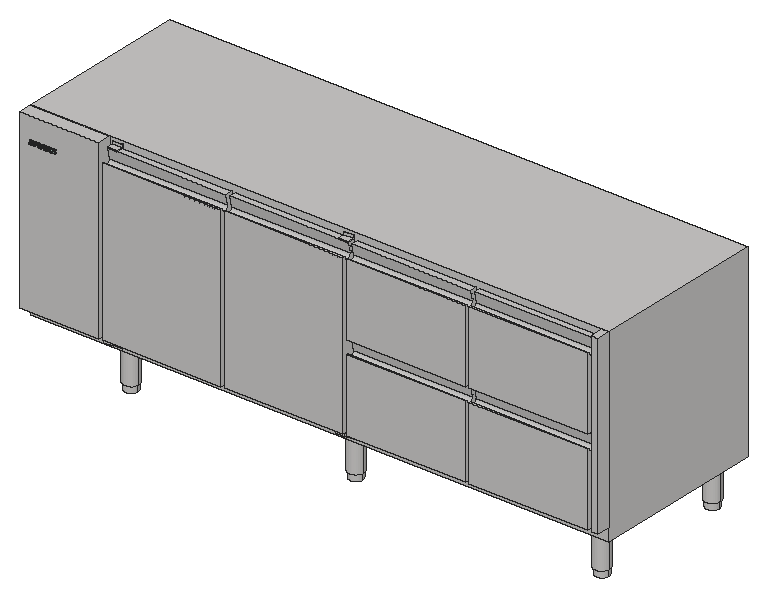
Revit family "QF_ALPENINOX_721090_AK4R7AABB", category Attrezzature speciali, Revit 2018
Family settings
  Quota connettore circolare = Usa diametro
  Tipo di parte = Normale
  Basato su piano di lavoro = No
  Sempre verticale = Sì
  Taglio con vuoti quando caricato = No
  Condiviso = No
  Punto di calcolo locali = No
Parameters (values of type "Standard")
  Weight = 158.00 kg
  Watts = 270 W
  Volts = 220 V
  URL Manufacturer = "http://www.alpeninox.com"
  URL = "http://www.alpeninox.com"
  Steam Supply Size = 0 mm
  Steam Supply Minimum Pressure = 0.0 Pa
  Steam Supply Maximum Pressure = 0.0 Pa
  Steam Consumption per Hour = 0
  Refrigeration Suction Line Size = 0 mm
  Refrigeration Liquid Line Size = 0 mm
  Refrigerant Compressor Remote = yes
  Produttore = "Alpeninox"
  Phase = 1
  Modello = "AK4R7AABB"
  Length Actual = 2149 mm  # constant formula
  Item Number = "721090"
  Hot Water Size = 0 mm
  Height Actual = 850 mm  # constant formula
  HP = "0.4 HP"
  Gas Size = 0 mm
  Gas KW = 0
  Gas Input Pressure = 0 W
  Direct Waste Size = 0 mm
  Descrizione = "2-DOOR AND 4X1/2-DRAWER REFRIGERATED COUNTER, -2+10°C, FULL AISI 304 (R290), WITHOUT WORK TOP"
  Depth Actual = 700 mm  # constant formula
  Cycle = 50 Hz
  Condensate Return Size = 0 mm
  Compressed Air Volume = 0.0 L/s
  Compressed Air Size = 0 mm
  Compressed Air Pressure = 0.0 Pa
  Cold Water Size = 0 mm
  Accessory = yes
Values of the unnamed type that differ from the named types
  Weight = 0.00 kg
  Watts = 0 W
  Volts = 0 V
  URL Manufacturer = ""
  Item Number = ""
  HP = ""
  Cycle = 0 Hz
Reference planes
  plane 1: z = 0
  plane 2 "Center (Left/Right)": x = -126.5
  plane 3 "Center (Front/Back)": y = 64.5
  plane 4 "FEET": z = 150
  plane 5 "TOP": z = 900
  plane 6 "PLAIN": z = 850
  plane 7 "EI_back": y = 103
  plane 8 "EI_left": x = -1140
  plane 9 "BACK": y = 412
  plane 10 "FRONT": y = -283
  plane 11 "DOOR": y = -233
  plane 12 "LEFT": x = -1201
  plane 13 "RIGHT": x = 948
  plane 14: x = -1176
  plane 15: x = 923
Forms (mm)
  Extrusion 1, solid, material "QF_Finishes_Stainless Steel"
    sketch origin (-1022.223, -1524, 150) x (-1, 0, 0) y (0, -1, 0)
      loop
        circle (117.777, -1627) r 5
    from 0 to -40
  Extrusion 2, solid, material "QF_Finishes_Stainless Steel"
    sketch origin (-1022.223, -1524, 150) x (-1, 0, 0) y (0, -1, 0)
      loop
        line (-1945.223, -1291) -> (-1945.223, -1241) -> (-1970.223, -1241) -> (-1970.223, -1291) -> (-1945.223, -1291)
    from 48 to 700
  Extrusion 3, solid, material "QF_Finishes_Stainless Steel"
    sketch origin (-1022.223, -1524, 150) x (-1, 0, 0) y (0, -1, 0)
      loop
        line (178.777, -1936) -> (178.777, -1291) -> (-1970.223, -1291) -> (-1970.223, -1936) -> (178.777, -1936)
    from 0 to 700
Lines and regions (mm)
  symbolic lines, style "SpecialityEquipmentHiddenLines"
    curve 1: line (-1201, 412, 150) -> (948, 412, 150)
    curve 2: line (-1201, -283, 150) -> (-1201, 412, 150)
    curve 3: line (948, -283, 150) -> (-1201, -283, 150)
    curve 4: line (948, 412, 150) -> (948, -283, 150)
    curve 5: line (-1201, -233, 150) -> (948, -233, 150)
    curve 6: line (923, -283, 150) -> (923, -233, 150)
Dimensions and locks
  plane 4 "FEET" to level = 150 mm
  plane 11 "DOOR" to plane 10 "FRONT" = 50 mm
  plane 6 "PLAIN" to plane 4 "FEET" = 700 mm
  plane 5 "TOP" to plane 6 "PLAIN" = 50 mm
  plane 12 "LEFT" to plane 14 = 25 mm
  plane 15 to plane 13 "RIGHT" = 25 mm
  plane 9 "BACK" to plane 7 "EI_back" = 309 mm
  plane 12 "LEFT" to plane 8 "EI_left" = 61 mm
  plane 12 "LEFT" to plane 13 "RIGHT" = 2149 mm
  equal spacing: plane 12 "LEFT", plane 2 "Center (Left/Right)", plane 13 "RIGHT"
  plane 9 "BACK" to plane 10 "FRONT" = 695 mm
  equal spacing: plane 9 "BACK", plane 3 "Center (Front/Back)", plane 10 "FRONT"
  aligned and locked: level to plane 1
  aligned and locked: plane 13 "RIGHT" to Extrusion 2
  aligned and locked: Extrusion 2 to plane 15
Automatic sketch dimensions
  Extrusion 1 sketch curve to plane 7 "EI_back" = 0 mm
  Extrusion 1 sketch curve to plane 8 "EI_left" = 0 mm
  Extrusion 2 sketch curve to plane 11 "DOOR" = 0 mm
  Extrusion 2 sketch curve to plane 13 "RIGHT" = 0 mm
  Extrusion 2 sketch curve to plane 10 "FRONT" = 0 mm
  Extrusion 2 sketch curve to plane 15 = 0 mm
  Extrusion 3 sketch curve to plane 9 "BACK" = 0 mm
  Extrusion 3 sketch curve to plane 13 "RIGHT" = 0 mm
  Extrusion 3 sketch curve to plane 11 "DOOR" = 0 mm
  Extrusion 3 sketch curve to plane 12 "LEFT" = 0 mm
  curve 1 to plane 13 "RIGHT" = 0 mm
  curve 6 to plane 10 "FRONT" = 0 mm
  curve 6 to plane 15 = 0 mm
  curve 5 to plane 12 "LEFT" = 0 mm
  curve 6 to plane 11 "DOOR" = 0 mm
  curve 1 to plane 9 "BACK" = 0 mm
  radius of Extrusion 1 sketch curve = 5 mm
Nested families
  nested 1: "HPC_Refrigerator" at (948, -283, 0), type "HPC_Refrigerator"
  nested 2: "HPC_FEET" at (-867, 331, 0), type "HPC_FEET"
  nested 3: "HPC_FEET" at (882, 331, 0), type "HPC_FEET"
  nested 4: "HPC_FEET" at (-867, -183, 0), type "HPC_FEET"
  nested 5: "HPC_FEET" at (882, -183, 0), type "HPC_FEET"
  nested 6: "HPC_FEET" at (-32, -183, 0), type "HPC_FEET"
  nested 7: "HPC_APX_BI_TN_L" at (-994.08, -233, 598) x (1, 0, 0) z (0, -1, 0), type "HPC_APX_BI_TN_L"
    with Show Logo yes
  nested 8: "HPC_APX_SD_L" at (-673, -233, 512) x (1, 0, 0) z (0, -1, 0), type "HPC_APX_SD_L"
    with Show Clearance yes
  nested 9: "HPC_APX_SD_R" at (-219, -233, 512) x (1, 0, 0) z (0, -1, 0), type "HPC_APX_SD_R"
    with Show Clearance yes
  nested 10: "HPC_APX_HALF" at (235, -233, 512) x (1, 0, 0) z (0, -1, 0), type "HPC_APX_HALF"
    with Show Clearance yes
  nested 11: "HPC_APX_HALF" at (689, -233, 512) x (1, 0, 0) z (0, -1, 0), type "HPC_APX_HALF"
    with Show Clearance yes
Connectors
  electrical at (-1140, 103, 110), driven by "Volts"
    settings: on Extrusion 1, index 1, voltage 220 V, apparent load 0 VA, apparent load phase1 0 VA, apparent load phase2 0 VA, apparent load phase3 0 VA, power factor 1, load classification "Other", number of poles 1, system type 31, power factor state 1, is connector primary yes, connector utility no, sub classification motor no, connector description "Electrical Connection"
Definition of nested family "HPC_FEET"
  Parameters
    FEET = 150 mm
  Reference planes
    plane 1 "Center (Front/Back)": y = 0
    plane 2: z = 0
    plane 3 "Center (Left/Right)": x = 0
    plane 4: z = 150
  Forms (mm)
    Revolve 1, solid
      sketch origin (255.05, 0, 608.09) x (0, 0, 1) y (-1, 0, 0)
        loop
          line (-608.09, 255.05) -> (-608.09, 230.05) -> (-583.09, 230.05) -> (-583.09, 226.05) -> (-458.09, 226.05) -> (-458.09, 255.05) -> (-608.09, 255.05)
        axis (-608.09, 255.05) -> (-458.09, 255.05)
      angle from 0 to 360
  Dimensions and locks
    locked: Revolve 1 sketch curve to Revolve 1 sketch curve at 125
    "FEET": plane 4 to plane 2
    aligned and locked: level to plane 2
    aligned and locked: plane 4 to Revolve 1 sketch curve
    aligned and locked: Revolve 1 sketch curve to level
    aligned and locked: plane 3 "Center (Left/Right)" to Revolve 1 sketch curve
  Automatic sketch dimensions
    Revolve 1 sketch curve to plane 3 "Center (Left/Right)" = 0 mm
    Revolve 1 sketch curve to Revolve 1 sketch curve = 25 mm
    Revolve 1 sketch curve to Revolve 1 sketch curve = 29 mm
    plane 4 to Revolve 1 sketch curve = 50 mm
    Revolve 1 sketch curve to Revolve 1 sketch curve = 20 mm
Definition of nested family "HPC_APX_BI_TN_L"
  Parameters
    Show Logo [instance] = yes
    Default Elevation = 1219.2 mm
  Reference planes
    plane 1 "Center (Front/Back)": y = -74
    plane 2: z = 0
    plane 3 "Center (Left/Right)": x = -59.92
    plane 4: x = -206.92
    plane 5: x = 87.08
    plane 6: y = 252
    plane 7: y = -400
  Forms (mm)
    Extrusion 1, solid
      sketch origin (0, 0, 0) x (1, 0, 0) y (0, 1, 0)
        loop
          line (-1219.2, 1219.2) -> (-1219.2, -1219.2) -> (1219.2, -1219.2) -> (1219.2, 1219.2) -> (-1219.2, 1219.2)
      from 0 to -304.8
    Extrusion 2, solid
      sketch origin (0, 0, 0) x (1, 0, 0) y (0, 1, 0)
        loop
          line (-206.92, 252) -> (-206.92, -400) -> (87.08, -400) -> (87.08, 252) -> (-206.92, 252)
      from 0 to 50
    Extrusion 3, solid
      sketch origin (0, 0, 0) x (1, 0, 0) y (0, 1, 0)
        loop
          line (-168.675, 170.349) -> (-172.411, 160.318)
          arc (-172.411, 160.318) -> (-171.624, 158.497) -> (-169.837, 159.36) r 1.374
          line (-169.837, 159.36) -> (-169.268, 161.111) -> (-164.1, 161.111) -> (-163.54, 159.379)
          arc (-163.54, 159.379) -> (-161.802, 158.542) -> (-161.049, 160.318) r 1.333
          line (-161.049, 160.318) -> (-164.694, 170.349)
          arc (-164.694, 170.349) -> (-166.685, 171.876) -> (-168.675, 170.349) r 2.06
        loop
          line (-166.681, 169.055) -> (-168.469, 163.655) -> (-164.935, 163.655) -> (-166.681, 169.055)
        loop
          arc (-159.705, 160.042) -> (-159.262, 158.973) -> (-158.194, 158.531) r 1.512
          line (-158.194, 158.531) -> (-153.608, 158.531)
          arc (-153.608, 158.531) -> (-152.337, 159.802) -> (-153.608, 161.074) r 1.272
          line (-153.608, 161.074) -> (-156.917, 161.074) -> (-156.917, 170.328)
          arc (-156.917, 170.328) -> (-158.311, 171.722) -> (-159.705, 170.328) r 1.394
          line (-159.705, 170.328) -> (-159.705, 160.042)
        loop
          line (-151.076, 170.218) -> (-151.076, 159.859)
          arc (-151.076, 159.859) -> (-149.683, 158.466) -> (-148.29, 159.859) r 1.393
          line (-148.29, 159.859) -> (-148.29, 162.882) -> (-146.225, 162.882)
          arc (-146.225, 162.882) -> (-142.999, 163.859) -> (-141.608, 166.928) r 4.082
          arc (-141.608, 166.928) -> (-142.993, 170.272) -> (-146.336, 171.657) r 4.728
          line (-146.336, 171.657) -> (-149.638, 171.657)
          arc (-149.638, 171.657) -> (-150.655, 171.235) -> (-151.076, 170.218) r 1.439
        loop
          line (-148.29, 165.313) -> (-146.388, 165.313)
          arc (-146.388, 165.313) -> (-144.433, 167.268) -> (-146.388, 169.222) r 1.955
          line (-146.388, 169.222) -> (-148.29, 169.222) -> (-148.29, 165.313)
        loop
          arc (-131.184, 166.332) -> (-132.004, 168.2) -> (-133.767, 169.228) r 3.3
          arc (-133.767, 169.228) -> (-136.353, 168.661) -> (-137.611, 166.332) r 3.176
          line (-137.611, 166.332) -> (-131.184, 166.332)
        loop
          line (-137.538, 163.743) -> (-130.544, 163.743)
          arc (-130.544, 163.743) -> (-129.292, 163.916) -> (-128.301, 164.701) r 2.4
          arc (-128.301, 164.701) -> (-128.155, 165.545) -> (-128.212, 166.399) r 3.635
          arc (-128.212, 166.399) -> (-130.364, 170.162) -> (-134.39, 171.769) r 6.579
          arc (-134.39, 171.769) -> (-138.918, 169.706) -> (-140.661, 165.044) r 6.501
          arc (-140.661, 165.044) -> (-139.276, 160.789) -> (-135.401, 158.549) r 6.252
          arc (-135.401, 158.549) -> (-132.922, 158.526) -> (-130.544, 159.232) r 8.361
          arc (-130.544, 159.232) -> (-129.466, 159.781) -> (-128.641, 160.666) r 3.486
          arc (-128.641, 160.666) -> (-128.419, 161.592) -> (-128.828, 162.451) r 1.425
          arc (-128.828, 162.451) -> (-129.368, 162.762) -> (-129.99, 162.762) r 1.203
          arc (-129.99, 162.762) -> (-130.406, 162.59) -> (-130.764, 162.316) r 1.724
          arc (-130.764, 162.316) -> (-131.666, 161.705) -> (-132.646, 161.229) r 7.6
          arc (-132.646, 161.229) -> (-135.676, 161.35) -> (-137.538, 163.743) r 3.6
        loop
          line (-126.669, 170.328) -> (-126.669, 159.859)
          arc (-126.669, 159.859) -> (-125.273, 158.463) -> (-123.878, 159.859) r 1.396
          line (-123.878, 159.859) -> (-123.878, 166.785) -> (-117.946, 159.029)
          arc (-117.946, 159.029) -> (-116.361, 158.51) -> (-115.379, 159.859) r 1.417
          line (-115.379, 159.859) -> (-115.379, 170.328)
          arc (-115.379, 170.328) -> (-116.774, 171.723) -> (-118.169, 170.328) r 1.395
          line (-118.169, 170.328) -> (-118.169, 163.311) -> (-124.101, 171.157)
          arc (-124.101, 171.157) -> (-125.687, 171.678) -> (-126.669, 170.328) r 1.418
        loop
          arc (-113.636, 159.859) -> (-112.241, 158.464) -> (-110.847, 159.859) r 1.394
          line (-110.847, 159.859) -> (-110.847, 170.328)
          arc (-110.847, 170.328) -> (-112.241, 171.723) -> (-113.636, 170.328) r 1.394
          line (-113.636, 170.328) -> (-113.636, 159.859)
        loop
          line (-109.102, 170.328) -> (-109.102, 159.859)
          arc (-109.102, 159.859) -> (-107.706, 158.463) -> (-106.31, 159.859) r 1.396
          line (-106.31, 159.859) -> (-106.31, 166.785) -> (-100.378, 159.029)
          arc (-100.378, 159.029) -> (-98.793, 158.51) -> (-97.812, 159.859) r 1.417
          line (-97.812, 159.859) -> (-97.812, 170.328)
          arc (-97.812, 170.328) -> (-99.207, 171.723) -> (-100.602, 170.328) r 1.395
          line (-100.602, 170.328) -> (-100.602, 163.311) -> (-106.533, 171.157)
          arc (-106.533, 171.157) -> (-108.119, 171.678) -> (-109.102, 170.328) r 1.418
        loop
          arc (-96.345, 165.093) -> (-95.619, 161.877) -> (-93.467, 159.379) r 6.806
          arc (-93.467, 159.379) -> (-91.792, 158.566) -> (-89.948, 158.31) r 5.956
          arc (-89.948, 158.31) -> (-88.104, 158.566) -> (-86.43, 159.379) r 5.956
          arc (-86.43, 159.379) -> (-84.277, 161.877) -> (-83.551, 165.093) r 6.806
          arc (-83.551, 165.093) -> (-84.277, 168.31) -> (-86.43, 170.808) r 6.806
          arc (-86.43, 170.808) -> (-88.104, 171.621) -> (-89.948, 171.877) r 5.956
          arc (-89.948, 171.877) -> (-91.792, 171.621) -> (-93.467, 170.808) r 5.956
          arc (-93.467, 170.808) -> (-95.619, 168.31) -> (-96.345, 165.093) r 6.806
        loop
          arc (-93.425, 165.093) -> (-93.138, 163.212) -> (-92.081, 161.629) r 4.387
          arc (-92.081, 161.629) -> (-91.087, 161.049) -> (-89.948, 160.881) r 3.035
          arc (-89.948, 160.881) -> (-88.809, 161.049) -> (-87.815, 161.629) r 3.035
          arc (-87.815, 161.629) -> (-86.759, 163.212) -> (-86.472, 165.093) r 4.387
          arc (-86.472, 165.093) -> (-86.759, 166.975) -> (-87.815, 168.558) r 4.387
          arc (-87.815, 168.558) -> (-88.809, 169.138) -> (-89.948, 169.306) r 3.035
          arc (-89.948, 169.306) -> (-91.087, 169.138) -> (-92.081, 168.558) r 3.035
          arc (-92.081, 168.558) -> (-93.138, 166.975) -> (-93.425, 165.093) r 4.387
        loop
          line (-83.139, 169.609) -> (-80.126, 165.552) -> (-83.81, 160.652)
          arc (-83.81, 160.652) -> (-83.512, 158.692) -> (-81.559, 159.029) r 1.388
          line (-81.559, 159.029) -> (-78.51, 163.232) -> (-75.461, 159.029)
          arc (-75.461, 159.029) -> (-73.507, 158.692) -> (-73.21, 160.652) r 1.388
          line (-73.21, 160.652) -> (-76.894, 165.552) -> (-73.881, 169.609)
          arc (-73.881, 169.609) -> (-74.249, 171.597) -> (-76.205, 171.084) r 1.38
          line (-76.205, 171.084) -> (-78.51, 167.841) -> (-80.815, 171.084)
          arc (-80.815, 171.084) -> (-82.771, 171.597) -> (-83.139, 169.609) r 1.38
      from 50 to 51.6
  Lines and regions (mm)
    Split face 1
      outline origin (0, 0, 50) x (1, 0, 0) y (0, 1, 0)
        loop
          line (87.08, 183) -> (-172.92, 183)
          arc (-172.92, 183) -> (-190.42, 165.5) -> (-172.92, 148) r 17.5
          line (-172.92, 148) -> (87.08, 148)
    Split face 2
      outline origin (-38, 0, 50) x (1, 0, 0) y (0, 1, 0)
        loop
          line (-5.42, 177) -> (-5.42, 154) -> (64.58, 154) -> (64.58, 177) -> (-5.42, 177)
    Split face 3
      outline origin (-38, 0, 50) x (1, 0, 0) y (0, 1, 0)
        loop
          line (44.58, 174) -> (44.58, 157) -> (61.58, 157) -> (61.58, 174) -> (44.58, 174)
    Split face 4
      outline origin (0, 0, 50) x (1, 0, 0) y (0, 1, 0)
        loop
          line (-206.92, 188) -> (87.08, 188)
    Split face 5
      outline origin (0, 0, 50) x (1, 0, 0) y (0, 1, 0)
        loop
          arc (-163.464, 131.824) -> (-167.464, 127.824) -> (-163.464, 123.824) r 4
          line (-163.464, 123.824) -> (-121.464, 123.824)
          arc (-121.464, 123.824) -> (-117.464, 127.824) -> (-121.464, 131.824) r 4
          line (-121.464, 131.824) -> (-163.464, 131.824)
    Split face 6
      outline origin (330, 0, 50) x (1, 0, 0) y (0, 1, 0)
        loop
          arc (-328.464, 131.824) -> (-332.464, 127.824) -> (-328.464, 123.824) r 4
          line (-328.464, 123.824) -> (-286.464, 123.824)
          arc (-286.464, 123.824) -> (-282.464, 127.824) -> (-286.464, 131.824) r 4
          line (-286.464, 131.824) -> (-328.464, 131.824)
    Split face 7
      outline origin (110, 0, 50) x (1, 0, 0) y (0, 1, 0)
        loop
          arc (-218.464, 131.824) -> (-222.464, 127.824) -> (-218.464, 123.824) r 4
          line (-218.464, 123.824) -> (-176.464, 123.824)
          arc (-176.464, 123.824) -> (-172.464, 127.824) -> (-176.464, 131.824) r 4
          line (-176.464, 131.824) -> (-218.464, 131.824)
    Split face 8
      outline origin (220, 0, 50) x (1, 0, 0) y (0, 1, 0)
        loop
          arc (-273.464, 131.824) -> (-277.464, 127.824) -> (-273.464, 123.824) r 4
          line (-273.464, 123.824) -> (-231.464, 123.824)
          arc (-231.464, 123.824) -> (-227.464, 127.824) -> (-231.464, 131.824) r 4
          line (-231.464, 131.824) -> (-273.464, 131.824)
    Split face 9
      outline origin (0, -24, 50) x (1, 0, 0) y (0, 1, 0)
        loop
          arc (-163.464, 143.824) -> (-167.464, 139.824) -> (-163.464, 135.824) r 4
          line (-163.464, 135.824) -> (-121.464, 135.824)
          arc (-121.464, 135.824) -> (-117.464, 139.824) -> (-121.464, 143.824) r 4
          line (-121.464, 143.824) -> (-163.464, 143.824)
    Split face 10
      outline origin (330, -24, 50) x (1, 0, 0) y (0, 1, 0)
        loop
          arc (-328.464, 143.824) -> (-332.464, 139.824) -> (-328.464, 135.824) r 4
          line (-328.464, 135.824) -> (-286.464, 135.824)
          arc (-286.464, 135.824) -> (-282.464, 139.824) -> (-286.464, 143.824) r 4
          line (-286.464, 143.824) -> (-328.464, 143.824)
    Split face 11
      outline origin (110, -24, 50) x (1, 0, 0) y (0, 1, 0)
        loop
          arc (-218.464, 143.824) -> (-222.464, 139.824) -> (-218.464, 135.824) r 4
          line (-218.464, 135.824) -> (-176.464, 135.824)
          arc (-176.464, 135.824) -> (-172.464, 139.824) -> (-176.464, 143.824) r 4
          line (-176.464, 143.824) -> (-218.464, 143.824)
    Split face 12
      outline origin (220, -24, 50) x (1, 0, 0) y (0, 1, 0)
        loop
          arc (-273.464, 143.824) -> (-277.464, 139.824) -> (-273.464, 135.824) r 4
          line (-273.464, 135.824) -> (-231.464, 135.824)
          arc (-231.464, 135.824) -> (-227.464, 139.824) -> (-231.464, 143.824) r 4
          line (-231.464, 143.824) -> (-273.464, 143.824)
    Split face 13
      outline origin (0, -48, 50) x (1, 0, 0) y (0, 1, 0)
        loop
          arc (-163.464, 155.824) -> (-167.464, 151.824) -> (-163.464, 147.824) r 4
          line (-163.464, 147.824) -> (-121.464, 147.824)
          arc (-121.464, 147.824) -> (-117.464, 151.824) -> (-121.464, 155.824) r 4
          line (-121.464, 155.824) -> (-163.464, 155.824)
    Split face 14
      outline origin (330, -48, 50) x (1, 0, 0) y (0, 1, 0)
        loop
          arc (-328.464, 155.824) -> (-332.464, 151.824) -> (-328.464, 147.824) r 4
          line (-328.464, 147.824) -> (-286.464, 147.824)
          arc (-286.464, 147.824) -> (-282.464, 151.824) -> (-286.464, 155.824) r 4
          line (-286.464, 155.824) -> (-328.464, 155.824)
    Split face 15
      outline origin (110, -48, 50) x (1, 0, 0) y (0, 1, 0)
        loop
          arc (-218.464, 155.824) -> (-222.464, 151.824) -> (-218.464, 147.824) r 4
          line (-218.464, 147.824) -> (-176.464, 147.824)
          arc (-176.464, 147.824) -> (-172.464, 151.824) -> (-176.464, 155.824) r 4
          line (-176.464, 155.824) -> (-218.464, 155.824)
    Split face 16
      outline origin (220, -48, 50) x (1, 0, 0) y (0, 1, 0)
        loop
          arc (-273.464, 155.824) -> (-277.464, 151.824) -> (-273.464, 147.824) r 4
          line (-273.464, 147.824) -> (-231.464, 147.824)
          arc (-231.464, 147.824) -> (-227.464, 151.824) -> (-231.464, 155.824) r 4
          line (-231.464, 155.824) -> (-273.464, 155.824)
    Split face 17
      outline origin (0, -72, 50) x (1, 0, 0) y (0, 1, 0)
        loop
          arc (-163.464, 167.824) -> (-167.464, 163.824) -> (-163.464, 159.824) r 4
          line (-163.464, 159.824) -> (-121.464, 159.824)
          arc (-121.464, 159.824) -> (-117.464, 163.824) -> (-121.464, 167.824) r 4
          line (-121.464, 167.824) -> (-163.464, 167.824)
    Split face 18
      outline origin (330, -72, 50) x (1, 0, 0) y (0, 1, 0)
        loop
          arc (-328.464, 167.824) -> (-332.464, 163.824) -> (-328.464, 159.824) r 4
          line (-328.464, 159.824) -> (-286.464, 159.824)
          arc (-286.464, 159.824) -> (-282.464, 163.824) -> (-286.464, 167.824) r 4
          line (-286.464, 167.824) -> (-328.464, 167.824)
    Split face 19
      outline origin (110, -72, 50) x (1, 0, 0) y (0, 1, 0)
        loop
          arc (-218.464, 167.824) -> (-222.464, 163.824) -> (-218.464, 159.824) r 4
          line (-218.464, 159.824) -> (-176.464, 159.824)
          arc (-176.464, 159.824) -> (-172.464, 163.824) -> (-176.464, 167.824) r 4
          line (-176.464, 167.824) -> (-218.464, 167.824)
    Split face 20
      outline origin (220, -72, 50) x (1, 0, 0) y (0, 1, 0)
        loop
          arc (-273.464, 167.824) -> (-277.464, 163.824) -> (-273.464, 159.824) r 4
          line (-273.464, 159.824) -> (-231.464, 159.824)
          arc (-231.464, 159.824) -> (-227.464, 163.824) -> (-231.464, 167.824) r 4
          line (-231.464, 167.824) -> (-273.464, 167.824)
    Split face 21
      outline origin (0, -96, 50) x (1, 0, 0) y (0, 1, 0)
        loop
          arc (-163.464, 179.824) -> (-167.464, 175.824) -> (-163.464, 171.824) r 4
          line (-163.464, 171.824) -> (-121.464, 171.824)
          arc (-121.464, 171.824) -> (-117.464, 175.824) -> (-121.464, 179.824) r 4
          line (-121.464, 179.824) -> (-163.464, 179.824)
    Split face 22
      outline origin (330, -96, 50) x (1, 0, 0) y (0, 1, 0)
        loop
          arc (-328.464, 179.824) -> (-332.464, 175.824) -> (-328.464, 171.824) r 4
          line (-328.464, 171.824) -> (-286.464, 171.824)
          arc (-286.464, 171.824) -> (-282.464, 175.824) -> (-286.464, 179.824) r 4
          line (-286.464, 179.824) -> (-328.464, 179.824)
    Split face 23
      outline origin (110, -96, 50) x (1, 0, 0) y (0, 1, 0)
        loop
          arc (-218.464, 179.824) -> (-222.464, 175.824) -> (-218.464, 171.824) r 4
          line (-218.464, 171.824) -> (-176.464, 171.824)
          arc (-176.464, 171.824) -> (-172.464, 175.824) -> (-176.464, 179.824) r 4
          line (-176.464, 179.824) -> (-218.464, 179.824)
    Split face 24
      outline origin (220, -96, 50) x (1, 0, 0) y (0, 1, 0)
        loop
          arc (-273.464, 179.824) -> (-277.464, 175.824) -> (-273.464, 171.824) r 4
          line (-273.464, 171.824) -> (-231.464, 171.824)
          arc (-231.464, 171.824) -> (-227.464, 175.824) -> (-231.464, 179.824) r 4
          line (-231.464, 179.824) -> (-273.464, 179.824)
    Split face 25
      outline origin (0, -120, 50) x (1, 0, 0) y (0, 1, 0)
        loop
          arc (-163.464, 191.824) -> (-167.464, 187.824) -> (-163.464, 183.824) r 4
          line (-163.464, 183.824) -> (-121.464, 183.824)
          arc (-121.464, 183.824) -> (-117.464, 187.824) -> (-121.464, 191.824) r 4
          line (-121.464, 191.824) -> (-163.464, 191.824)
    Split face 26
      outline origin (330, -120, 50) x (1, 0, 0) y (0, 1, 0)
        loop
          arc (-328.464, 191.824) -> (-332.464, 187.824) -> (-328.464, 183.824) r 4
          line (-328.464, 183.824) -> (-286.464, 183.824)
          arc (-286.464, 183.824) -> (-282.464, 187.824) -> (-286.464, 191.824) r 4
          line (-286.464, 191.824) -> (-328.464, 191.824)
    Split face 27
      outline origin (110, -120, 50) x (1, 0, 0) y (0, 1, 0)
        loop
          arc (-218.464, 191.824) -> (-222.464, 187.824) -> (-218.464, 183.824) r 4
          line (-218.464, 183.824) -> (-176.464, 183.824)
          arc (-176.464, 183.824) -> (-172.464, 187.824) -> (-176.464, 191.824) r 4
          line (-176.464, 191.824) -> (-218.464, 191.824)
    Split face 28
      outline origin (220, -120, 50) x (1, 0, 0) y (0, 1, 0)
        loop
          arc (-273.464, 191.824) -> (-277.464, 187.824) -> (-273.464, 183.824) r 4
          line (-273.464, 183.824) -> (-231.464, 183.824)
          arc (-231.464, 183.824) -> (-227.464, 187.824) -> (-231.464, 191.824) r 4
          line (-231.464, 191.824) -> (-273.464, 191.824)
    Split face 29
      outline origin (0, -144, 50) x (1, 0, 0) y (0, 1, 0)
        loop
          arc (-163.464, 203.824) -> (-167.464, 199.824) -> (-163.464, 195.824) r 4
          line (-163.464, 195.824) -> (-121.464, 195.824)
          arc (-121.464, 195.824) -> (-117.464, 199.824) -> (-121.464, 203.824) r 4
          line (-121.464, 203.824) -> (-163.464, 203.824)
    Split face 30
      outline origin (330, -144, 50) x (1, 0, 0) y (0, 1, 0)
        loop
          arc (-328.464, 203.824) -> (-332.464, 199.824) -> (-328.464, 195.824) r 4
          line (-328.464, 195.824) -> (-286.464, 195.824)
          arc (-286.464, 195.824) -> (-282.464, 199.824) -> (-286.464, 203.824) r 4
          line (-286.464, 203.824) -> (-328.464, 203.824)
    Split face 31
      outline origin (110, -144, 50) x (1, 0, 0) y (0, 1, 0)
        loop
          arc (-218.464, 203.824) -> (-222.464, 199.824) -> (-218.464, 195.824) r 4
          line (-218.464, 195.824) -> (-176.464, 195.824)
          arc (-176.464, 195.824) -> (-172.464, 199.824) -> (-176.464, 203.824) r 4
          line (-176.464, 203.824) -> (-218.464, 203.824)
    Split face 32
      outline origin (220, -144, 50) x (1, 0, 0) y (0, 1, 0)
        loop
          arc (-273.464, 203.824) -> (-277.464, 199.824) -> (-273.464, 195.824) r 4
          line (-273.464, 195.824) -> (-231.464, 195.824)
          arc (-231.464, 195.824) -> (-227.464, 199.824) -> (-231.464, 203.824) r 4
          line (-231.464, 203.824) -> (-273.464, 203.824)
    Split face 33
      outline origin (0, -168, 50) x (1, 0, 0) y (0, 1, 0)
        loop
          arc (-163.464, 215.824) -> (-167.464, 211.824) -> (-163.464, 207.824) r 4
          line (-163.464, 207.824) -> (-121.464, 207.824)
          arc (-121.464, 207.824) -> (-117.464, 211.824) -> (-121.464, 215.824) r 4
          line (-121.464, 215.824) -> (-163.464, 215.824)
    Split face 34
      outline origin (330, -168, 50) x (1, 0, 0) y (0, 1, 0)
        loop
          arc (-328.464, 215.824) -> (-332.464, 211.824) -> (-328.464, 207.824) r 4
          line (-328.464, 207.824) -> (-286.464, 207.824)
          arc (-286.464, 207.824) -> (-282.464, 211.824) -> (-286.464, 215.824) r 4
          line (-286.464, 215.824) -> (-328.464, 215.824)
    Split face 35
      outline origin (110, -168, 50) x (1, 0, 0) y (0, 1, 0)
        loop
          arc (-218.464, 215.824) -> (-222.464, 211.824) -> (-218.464, 207.824) r 4
          line (-218.464, 207.824) -> (-176.464, 207.824)
          arc (-176.464, 207.824) -> (-172.464, 211.824) -> (-176.464, 215.824) r 4
          line (-176.464, 215.824) -> (-218.464, 215.824)
    Split face 36
      outline origin (220, -168, 50) x (1, 0, 0) y (0, 1, 0)
        loop
          arc (-273.464, 215.824) -> (-277.464, 211.824) -> (-273.464, 207.824) r 4
          line (-273.464, 207.824) -> (-231.464, 207.824)
          arc (-231.464, 207.824) -> (-227.464, 211.824) -> (-231.464, 215.824) r 4
          line (-231.464, 215.824) -> (-273.464, 215.824)
    Split face 37
      outline origin (0, -192, 50) x (1, 0, 0) y (0, 1, 0)
        loop
          arc (-163.464, 227.824) -> (-167.464, 223.824) -> (-163.464, 219.824) r 4
          line (-163.464, 219.824) -> (-121.464, 219.824)
          arc (-121.464, 219.824) -> (-117.464, 223.824) -> (-121.464, 227.824) r 4
          line (-121.464, 227.824) -> (-163.464, 227.824)
    Split face 38
      outline origin (330, -192, 50) x (1, 0, 0) y (0, 1, 0)
        loop
          arc (-328.464, 227.824) -> (-332.464, 223.824) -> (-328.464, 219.824) r 4
          line (-328.464, 219.824) -> (-286.464, 219.824)
          arc (-286.464, 219.824) -> (-282.464, 223.824) -> (-286.464, 227.824) r 4
          line (-286.464, 227.824) -> (-328.464, 227.824)
    Split face 39
      outline origin (110, -192, 50) x (1, 0, 0) y (0, 1, 0)
        loop
          arc (-218.464, 227.824) -> (-222.464, 223.824) -> (-218.464, 219.824) r 4
          line (-218.464, 219.824) -> (-176.464, 219.824)
          arc (-176.464, 219.824) -> (-172.464, 223.824) -> (-176.464, 227.824) r 4
          line (-176.464, 227.824) -> (-218.464, 227.824)
    Split face 40
      outline origin (220, -192, 50) x (1, 0, 0) y (0, 1, 0)
        loop
          arc (-273.464, 227.824) -> (-277.464, 223.824) -> (-273.464, 219.824) r 4
          line (-273.464, 219.824) -> (-231.464, 219.824)
          arc (-231.464, 219.824) -> (-227.464, 223.824) -> (-231.464, 227.824) r 4
          line (-231.464, 227.824) -> (-273.464, 227.824)
    Split face 41
      outline origin (0, -216, 50) x (1, 0, 0) y (0, 1, 0)
        loop
          arc (-163.464, 239.824) -> (-167.464, 235.824) -> (-163.464, 231.824) r 4
          line (-163.464, 231.824) -> (-121.464, 231.824)
          arc (-121.464, 231.824) -> (-117.464, 235.824) -> (-121.464, 239.824) r 4
          line (-121.464, 239.824) -> (-163.464, 239.824)
    Split face 42
      outline origin (330, -216, 50) x (1, 0, 0) y (0, 1, 0)
        loop
          arc (-328.464, 239.824) -> (-332.464, 235.824) -> (-328.464, 231.824) r 4
          line (-328.464, 231.824) -> (-286.464, 231.824)
          arc (-286.464, 231.824) -> (-282.464, 235.824) -> (-286.464, 239.824) r 4
          line (-286.464, 239.824) -> (-328.464, 239.824)
    Split face 43
      outline origin (110, -216, 50) x (1, 0, 0) y (0, 1, 0)
        loop
          arc (-218.464, 239.824) -> (-222.464, 235.824) -> (-218.464, 231.824) r 4
          line (-218.464, 231.824) -> (-176.464, 231.824)
          arc (-176.464, 231.824) -> (-172.464, 235.824) -> (-176.464, 239.824) r 4
          line (-176.464, 239.824) -> (-218.464, 239.824)
    Split face 44
      outline origin (220, -216, 50) x (1, 0, 0) y (0, 1, 0)
        loop
          arc (-273.464, 239.824) -> (-277.464, 235.824) -> (-273.464, 231.824) r 4
          line (-273.464, 231.824) -> (-231.464, 231.824)
          arc (-231.464, 231.824) -> (-227.464, 235.824) -> (-231.464, 239.824) r 4
          line (-231.464, 239.824) -> (-273.464, 239.824)
    Split face 45
      outline origin (0, -240, 50) x (1, 0, 0) y (0, 1, 0)
        loop
          arc (-163.464, 251.824) -> (-167.464, 247.824) -> (-163.464, 243.824) r 4
          line (-163.464, 243.824) -> (-121.464, 243.824)
          arc (-121.464, 243.824) -> (-117.464, 247.824) -> (-121.464, 251.824) r 4
          line (-121.464, 251.824) -> (-163.464, 251.824)
    Split face 46
      outline origin (330, -240, 50) x (1, 0, 0) y (0, 1, 0)
        loop
          arc (-328.464, 251.824) -> (-332.464, 247.824) -> (-328.464, 243.824) r 4
          line (-328.464, 243.824) -> (-286.464, 243.824)
          arc (-286.464, 243.824) -> (-282.464, 247.824) -> (-286.464, 251.824) r 4
          line (-286.464, 251.824) -> (-328.464, 251.824)
    Split face 47
      outline origin (110, -240, 50) x (1, 0, 0) y (0, 1, 0)
        loop
          arc (-218.464, 251.824) -> (-222.464, 247.824) -> (-218.464, 243.824) r 4
          line (-218.464, 243.824) -> (-176.464, 243.824)
          arc (-176.464, 243.824) -> (-172.464, 247.824) -> (-176.464, 251.824) r 4
          line (-176.464, 251.824) -> (-218.464, 251.824)
    Split face 48
      outline origin (220, -240, 50) x (1, 0, 0) y (0, 1, 0)
        loop
          arc (-273.464, 251.824) -> (-277.464, 247.824) -> (-273.464, 243.824) r 4
          line (-273.464, 243.824) -> (-231.464, 243.824)
          arc (-231.464, 243.824) -> (-227.464, 247.824) -> (-231.464, 251.824) r 4
          line (-231.464, 251.824) -> (-273.464, 251.824)
    Split face 49
      outline origin (0, -264, 50) x (1, 0, 0) y (0, 1, 0)
        loop
          arc (-163.464, 263.824) -> (-167.464, 259.824) -> (-163.464, 255.824) r 4
          line (-163.464, 255.824) -> (-121.464, 255.824)
          arc (-121.464, 255.824) -> (-117.464, 259.824) -> (-121.464, 263.824) r 4
          line (-121.464, 263.824) -> (-163.464, 263.824)
    Split face 50
      outline origin (330, -264, 50) x (1, 0, 0) y (0, 1, 0)
        loop
          arc (-328.464, 263.824) -> (-332.464, 259.824) -> (-328.464, 255.824) r 4
          line (-328.464, 255.824) -> (-286.464, 255.824)
          arc (-286.464, 255.824) -> (-282.464, 259.824) -> (-286.464, 263.824) r 4
          line (-286.464, 263.824) -> (-328.464, 263.824)
    Split face 51
      outline origin (110, -264, 50) x (1, 0, 0) y (0, 1, 0)
        loop
          arc (-218.464, 263.824) -> (-222.464, 259.824) -> (-218.464, 255.824) r 4
          line (-218.464, 255.824) -> (-176.464, 255.824)
          arc (-176.464, 255.824) -> (-172.464, 259.824) -> (-176.464, 263.824) r 4
          line (-176.464, 263.824) -> (-218.464, 263.824)
    Split face 52
      outline origin (220, -264, 50) x (1, 0, 0) y (0, 1, 0)
        loop
          arc (-273.464, 263.824) -> (-277.464, 259.824) -> (-273.464, 255.824) r 4
          line (-273.464, 255.824) -> (-231.464, 255.824)
          arc (-231.464, 255.824) -> (-227.464, 259.824) -> (-231.464, 263.824) r 4
          line (-231.464, 263.824) -> (-273.464, 263.824)
    Split face 53
      outline origin (0, -288, 50) x (1, 0, 0) y (0, 1, 0)
        loop
          arc (-163.464, 275.824) -> (-167.464, 271.824) -> (-163.464, 267.824) r 4
          line (-163.464, 267.824) -> (-121.464, 267.824)
          arc (-121.464, 267.824) -> (-117.464, 271.824) -> (-121.464, 275.824) r 4
          line (-121.464, 275.824) -> (-163.464, 275.824)
    Split face 54
      outline origin (330, -288, 50) x (1, 0, 0) y (0, 1, 0)
        loop
          arc (-328.464, 275.824) -> (-332.464, 271.824) -> (-328.464, 267.824) r 4
          line (-328.464, 267.824) -> (-286.464, 267.824)
          arc (-286.464, 267.824) -> (-282.464, 271.824) -> (-286.464, 275.824) r 4
          line (-286.464, 275.824) -> (-328.464, 275.824)
    Split face 55
      outline origin (110, -288, 50) x (1, 0, 0) y (0, 1, 0)
        loop
          arc (-218.464, 275.824) -> (-222.464, 271.824) -> (-218.464, 267.824) r 4
          line (-218.464, 267.824) -> (-176.464, 267.824)
          arc (-176.464, 267.824) -> (-172.464, 271.824) -> (-176.464, 275.824) r 4
          line (-176.464, 275.824) -> (-218.464, 275.824)
    Split face 56
      outline origin (220, -288, 50) x (1, 0, 0) y (0, 1, 0)
        loop
          arc (-273.464, 275.824) -> (-277.464, 271.824) -> (-273.464, 267.824) r 4
          line (-273.464, 267.824) -> (-231.464, 267.824)
          arc (-231.464, 267.824) -> (-227.464, 271.824) -> (-231.464, 275.824) r 4
          line (-231.464, 275.824) -> (-273.464, 275.824)
    Split face 57
      outline origin (0, -312, 50) x (1, 0, 0) y (0, 1, 0)
        loop
          arc (-163.464, 287.824) -> (-167.464, 283.824) -> (-163.464, 279.824) r 4
          line (-163.464, 279.824) -> (-121.464, 279.824)
          arc (-121.464, 279.824) -> (-117.464, 283.824) -> (-121.464, 287.824) r 4
          line (-121.464, 287.824) -> (-163.464, 287.824)
    Split face 58
      outline origin (330, -312, 50) x (1, 0, 0) y (0, 1, 0)
        loop
          arc (-328.464, 287.824) -> (-332.464, 283.824) -> (-328.464, 279.824) r 4
          line (-328.464, 279.824) -> (-286.464, 279.824)
          arc (-286.464, 279.824) -> (-282.464, 283.824) -> (-286.464, 287.824) r 4
          line (-286.464, 287.824) -> (-328.464, 287.824)
    Split face 59
      outline origin (110, -312, 50) x (1, 0, 0) y (0, 1, 0)
        loop
          arc (-218.464, 287.824) -> (-222.464, 283.824) -> (-218.464, 279.824) r 4
          line (-218.464, 279.824) -> (-176.464, 279.824)
          arc (-176.464, 279.824) -> (-172.464, 283.824) -> (-176.464, 287.824) r 4
          line (-176.464, 287.824) -> (-218.464, 287.824)
    Split face 60
      outline origin (220, -312, 50) x (1, 0, 0) y (0, 1, 0)
        loop
          arc (-273.464, 287.824) -> (-277.464, 283.824) -> (-273.464, 279.824) r 4
          line (-273.464, 279.824) -> (-231.464, 279.824)
          arc (-231.464, 279.824) -> (-227.464, 283.824) -> (-231.464, 287.824) r 4
          line (-231.464, 287.824) -> (-273.464, 287.824)
    Split face 61
      outline origin (0, -336, 50) x (1, 0, 0) y (0, 1, 0)
        loop
          arc (-163.464, 299.824) -> (-167.464, 295.824) -> (-163.464, 291.824) r 4
          line (-163.464, 291.824) -> (-121.464, 291.824)
          arc (-121.464, 291.824) -> (-117.464, 295.824) -> (-121.464, 299.824) r 4
          line (-121.464, 299.824) -> (-163.464, 299.824)
    Split face 62
      outline origin (330, -336, 50) x (1, 0, 0) y (0, 1, 0)
        loop
          arc (-328.464, 299.824) -> (-332.464, 295.824) -> (-328.464, 291.824) r 4
          line (-328.464, 291.824) -> (-286.464, 291.824)
          arc (-286.464, 291.824) -> (-282.464, 295.824) -> (-286.464, 299.824) r 4
          line (-286.464, 299.824) -> (-328.464, 299.824)
    Split face 63
      outline origin (110, -336, 50) x (1, 0, 0) y (0, 1, 0)
        loop
          arc (-218.464, 299.824) -> (-222.464, 295.824) -> (-218.464, 291.824) r 4
          line (-218.464, 291.824) -> (-176.464, 291.824)
          arc (-176.464, 291.824) -> (-172.464, 295.824) -> (-176.464, 299.824) r 4
          line (-176.464, 299.824) -> (-218.464, 299.824)
    Split face 64
      outline origin (220, -336, 50) x (1, 0, 0) y (0, 1, 0)
        loop
          arc (-273.464, 299.824) -> (-277.464, 295.824) -> (-273.464, 291.824) r 4
          line (-273.464, 291.824) -> (-231.464, 291.824)
          arc (-231.464, 291.824) -> (-227.464, 295.824) -> (-231.464, 299.824) r 4
          line (-231.464, 299.824) -> (-273.464, 299.824)
    Split face 65
      outline origin (0, -360, 50) x (1, 0, 0) y (0, 1, 0)
        loop
          arc (-163.464, 311.824) -> (-167.464, 307.824) -> (-163.464, 303.824) r 4
          line (-163.464, 303.824) -> (-121.464, 303.824)
          arc (-121.464, 303.824) -> (-117.464, 307.824) -> (-121.464, 311.824) r 4
          line (-121.464, 311.824) -> (-163.464, 311.824)
    Split face 66
      outline origin (330, -360, 50) x (1, 0, 0) y (0, 1, 0)
        loop
          arc (-328.464, 311.824) -> (-332.464, 307.824) -> (-328.464, 303.824) r 4
          line (-328.464, 303.824) -> (-286.464, 303.824)
          arc (-286.464, 303.824) -> (-282.464, 307.824) -> (-286.464, 311.824) r 4
          line (-286.464, 311.824) -> (-328.464, 311.824)
    Split face 67
      outline origin (110, -360, 50) x (1, 0, 0) y (0, 1, 0)
        loop
          arc (-218.464, 311.824) -> (-222.464, 307.824) -> (-218.464, 303.824) r 4
          line (-218.464, 303.824) -> (-176.464, 303.824)
          arc (-176.464, 303.824) -> (-172.464, 307.824) -> (-176.464, 311.824) r 4
          line (-176.464, 311.824) -> (-218.464, 311.824)
    Split face 68
      outline origin (220, -360, 50) x (1, 0, 0) y (0, 1, 0)
        loop
          arc (-273.464, 311.824) -> (-277.464, 307.824) -> (-273.464, 303.824) r 4
          line (-273.464, 303.824) -> (-231.464, 303.824)
          arc (-231.464, 303.824) -> (-227.464, 307.824) -> (-231.464, 311.824) r 4
          line (-231.464, 311.824) -> (-273.464, 311.824)
    Split face 69
      outline origin (0, 0, 50) x (1, 0, 0) y (0, 1, 0)
        loop
          line (-206.92, 143) -> (87.08, 143)
    Split face 70
      outline origin (0, -663.3, 50) x (1, 0, 0) y (0, 1, 0)
        loop
          arc (-163.464, 463.474) -> (-167.464, 459.474) -> (-163.464, 455.474) r 4
          line (-163.464, 455.474) -> (-121.464, 455.474)
          arc (-121.464, 455.474) -> (-117.464, 459.474) -> (-121.464, 463.474) r 4
          line (-121.464, 463.474) -> (-163.464, 463.474)
    Split face 71
      outline origin (330, -663.3, 50) x (1, 0, 0) y (0, 1, 0)
        loop
          arc (-328.464, 463.474) -> (-332.464, 459.474) -> (-328.464, 455.474) r 4
          line (-328.464, 455.474) -> (-286.464, 455.474)
          arc (-286.464, 455.474) -> (-282.464, 459.474) -> (-286.464, 463.474) r 4
          line (-286.464, 463.474) -> (-328.464, 463.474)
    Split face 72
      outline origin (110, -663.3, 50) x (1, 0, 0) y (0, 1, 0)
        loop
          arc (-218.464, 463.474) -> (-222.464, 459.474) -> (-218.464, 455.474) r 4
          line (-218.464, 455.474) -> (-176.464, 455.474)
          arc (-176.464, 455.474) -> (-172.464, 459.474) -> (-176.464, 463.474) r 4
          line (-176.464, 463.474) -> (-218.464, 463.474)
    Split face 73
      outline origin (220, -663.3, 50) x (1, 0, 0) y (0, 1, 0)
        loop
          arc (-273.464, 463.474) -> (-277.464, 459.474) -> (-273.464, 455.474) r 4
          line (-273.464, 455.474) -> (-231.464, 455.474)
          arc (-231.464, 455.474) -> (-227.464, 459.474) -> (-231.464, 463.474) r 4
          line (-231.464, 463.474) -> (-273.464, 463.474)
    Split face 74
      outline origin (0, -687.3, 50) x (1, 0, 0) y (0, 1, 0)
        loop
          arc (-163.464, 475.474) -> (-167.464, 471.474) -> (-163.464, 467.474) r 4
          line (-163.464, 467.474) -> (-121.464, 467.474)
          arc (-121.464, 467.474) -> (-117.464, 471.474) -> (-121.464, 475.474) r 4
          line (-121.464, 475.474) -> (-163.464, 475.474)
    Split face 75
      outline origin (330, -687.3, 50) x (1, 0, 0) y (0, 1, 0)
        loop
          arc (-328.464, 475.474) -> (-332.464, 471.474) -> (-328.464, 467.474) r 4
          line (-328.464, 467.474) -> (-286.464, 467.474)
          arc (-286.464, 467.474) -> (-282.464, 471.474) -> (-286.464, 475.474) r 4
          line (-286.464, 475.474) -> (-328.464, 475.474)
    Split face 76
      outline origin (110, -687.3, 50) x (1, 0, 0) y (0, 1, 0)
        loop
          arc (-218.464, 475.474) -> (-222.464, 471.474) -> (-218.464, 467.474) r 4
          line (-218.464, 467.474) -> (-176.464, 467.474)
          arc (-176.464, 467.474) -> (-172.464, 471.474) -> (-176.464, 475.474) r 4
          line (-176.464, 475.474) -> (-218.464, 475.474)
    Split face 77
      outline origin (220, -687.3, 50) x (1, 0, 0) y (0, 1, 0)
        loop
          arc (-273.464, 475.474) -> (-277.464, 471.474) -> (-273.464, 467.474) r 4
          line (-273.464, 467.474) -> (-231.464, 467.474)
          arc (-231.464, 467.474) -> (-227.464, 471.474) -> (-231.464, 475.474) r 4
          line (-231.464, 475.474) -> (-273.464, 475.474)
    Split face 78
      outline origin (0, -711.3, 50) x (1, 0, 0) y (0, 1, 0)
        loop
          arc (-163.464, 487.474) -> (-167.464, 483.474) -> (-163.464, 479.474) r 4
          line (-163.464, 479.474) -> (-121.464, 479.474)
          arc (-121.464, 479.474) -> (-117.464, 483.474) -> (-121.464, 487.474) r 4
          line (-121.464, 487.474) -> (-163.464, 487.474)
    Split face 79
      outline origin (330, -711.3, 50) x (1, 0, 0) y (0, 1, 0)
        loop
          arc (-328.464, 487.474) -> (-332.464, 483.474) -> (-328.464, 479.474) r 4
          line (-328.464, 479.474) -> (-286.464, 479.474)
          arc (-286.464, 479.474) -> (-282.464, 483.474) -> (-286.464, 487.474) r 4
          line (-286.464, 487.474) -> (-328.464, 487.474)
    Split face 80
      outline origin (110, -711.3, 50) x (1, 0, 0) y (0, 1, 0)
        loop
          arc (-218.464, 487.474) -> (-222.464, 483.474) -> (-218.464, 479.474) r 4
          line (-218.464, 479.474) -> (-176.464, 479.474)
          arc (-176.464, 479.474) -> (-172.464, 483.474) -> (-176.464, 487.474) r 4
          line (-176.464, 487.474) -> (-218.464, 487.474)
    Split face 81
      outline origin (220, -711.3, 50) x (1, 0, 0) y (0, 1, 0)
        loop
          arc (-273.464, 487.474) -> (-277.464, 483.474) -> (-273.464, 479.474) r 4
          line (-273.464, 479.474) -> (-231.464, 479.474)
          arc (-231.464, 479.474) -> (-227.464, 483.474) -> (-231.464, 487.474) r 4
          line (-231.464, 487.474) -> (-273.464, 487.474)
    Split face 82
      outline origin (0, -735.3, 50) x (1, 0, 0) y (0, 1, 0)
        loop
          arc (-163.464, 499.474) -> (-167.464, 495.474) -> (-163.464, 491.474) r 4
          line (-163.464, 491.474) -> (-121.464, 491.474)
          arc (-121.464, 491.474) -> (-117.464, 495.474) -> (-121.464, 499.474) r 4
          line (-121.464, 499.474) -> (-163.464, 499.474)
    Split face 83
      outline origin (330, -735.3, 50) x (1, 0, 0) y (0, 1, 0)
        loop
          arc (-328.464, 499.474) -> (-332.464, 495.474) -> (-328.464, 491.474) r 4
          line (-328.464, 491.474) -> (-286.464, 491.474)
          arc (-286.464, 491.474) -> (-282.464, 495.474) -> (-286.464, 499.474) r 4
          line (-286.464, 499.474) -> (-328.464, 499.474)
    Split face 84
      outline origin (110, -735.3, 50) x (1, 0, 0) y (0, 1, 0)
        loop
          arc (-218.464, 499.474) -> (-222.464, 495.474) -> (-218.464, 491.474) r 4
          line (-218.464, 491.474) -> (-176.464, 491.474)
          arc (-176.464, 491.474) -> (-172.464, 495.474) -> (-176.464, 499.474) r 4
          line (-176.464, 499.474) -> (-218.464, 499.474)
    Split face 85
      outline origin (220, -735.3, 50) x (1, 0, 0) y (0, 1, 0)
        loop
          arc (-273.464, 499.474) -> (-277.464, 495.474) -> (-273.464, 491.474) r 4
          line (-273.464, 491.474) -> (-231.464, 491.474)
          arc (-231.464, 491.474) -> (-227.464, 495.474) -> (-231.464, 499.474) r 4
          line (-231.464, 499.474) -> (-273.464, 499.474)
    Split face 86
      outline origin (0, -759.3, 50) x (1, 0, 0) y (0, 1, 0)
        loop
          arc (-163.464, 511.474) -> (-167.464, 507.474) -> (-163.464, 503.474) r 4
          line (-163.464, 503.474) -> (-121.464, 503.474)
          arc (-121.464, 503.474) -> (-117.464, 507.474) -> (-121.464, 511.474) r 4
          line (-121.464, 511.474) -> (-163.464, 511.474)
    Split face 87
      outline origin (330, -759.3, 50) x (1, 0, 0) y (0, 1, 0)
        loop
          arc (-328.464, 511.474) -> (-332.464, 507.474) -> (-328.464, 503.474) r 4
          line (-328.464, 503.474) -> (-286.464, 503.474)
          arc (-286.464, 503.474) -> (-282.464, 507.474) -> (-286.464, 511.474) r 4
          line (-286.464, 511.474) -> (-328.464, 511.474)
    Split face 88
      outline origin (110, -759.3, 50) x (1, 0, 0) y (0, 1, 0)
        loop
          arc (-218.464, 511.474) -> (-222.464, 507.474) -> (-218.464, 503.474) r 4
          line (-218.464, 503.474) -> (-176.464, 503.474)
          arc (-176.464, 503.474) -> (-172.464, 507.474) -> (-176.464, 511.474) r 4
          line (-176.464, 511.474) -> (-218.464, 511.474)
    Split face 89
      outline origin (220, -759.3, 50) x (1, 0, 0) y (0, 1, 0)
        loop
          arc (-273.464, 511.474) -> (-277.464, 507.474) -> (-273.464, 503.474) r 4
          line (-273.464, 503.474) -> (-231.464, 503.474)
          arc (-231.464, 503.474) -> (-227.464, 507.474) -> (-231.464, 511.474) r 4
          line (-231.464, 511.474) -> (-273.464, 511.474)
    Split face 90
      outline origin (0, -783.3, 50) x (1, 0, 0) y (0, 1, 0)
        loop
          arc (-163.464, 523.474) -> (-167.464, 519.474) -> (-163.464, 515.474) r 4
          line (-163.464, 515.474) -> (-121.464, 515.474)
          arc (-121.464, 515.474) -> (-117.464, 519.474) -> (-121.464, 523.474) r 4
          line (-121.464, 523.474) -> (-163.464, 523.474)
    Split face 91
      outline origin (330, -783.3, 50) x (1, 0, 0) y (0, 1, 0)
        loop
          arc (-328.464, 523.474) -> (-332.464, 519.474) -> (-328.464, 515.474) r 4
          line (-328.464, 515.474) -> (-286.464, 515.474)
          arc (-286.464, 515.474) -> (-282.464, 519.474) -> (-286.464, 523.474) r 4
          line (-286.464, 523.474) -> (-328.464, 523.474)
    Split face 92
      outline origin (110, -783.3, 50) x (1, 0, 0) y (0, 1, 0)
        loop
          arc (-218.464, 523.474) -> (-222.464, 519.474) -> (-218.464, 515.474) r 4
          line (-218.464, 515.474) -> (-176.464, 515.474)
          arc (-176.464, 515.474) -> (-172.464, 519.474) -> (-176.464, 523.474) r 4
          line (-176.464, 523.474) -> (-218.464, 523.474)
    Split face 93
      outline origin (220, -783.3, 50) x (1, 0, 0) y (0, 1, 0)
        loop
          arc (-273.464, 523.474) -> (-277.464, 519.474) -> (-273.464, 515.474) r 4
          line (-273.464, 515.474) -> (-231.464, 515.474)
          arc (-231.464, 515.474) -> (-227.464, 519.474) -> (-231.464, 523.474) r 4
          line (-231.464, 523.474) -> (-273.464, 523.474)
    Split face 94
      outline origin (0, -807.3, 50) x (1, 0, 0) y (0, 1, 0)
        loop
          arc (-163.464, 535.474) -> (-167.464, 531.474) -> (-163.464, 527.474) r 4
          line (-163.464, 527.474) -> (-121.464, 527.474)
          arc (-121.464, 527.474) -> (-117.464, 531.474) -> (-121.464, 535.474) r 4
          line (-121.464, 535.474) -> (-163.464, 535.474)
    Split face 95
      outline origin (330, -807.3, 50) x (1, 0, 0) y (0, 1, 0)
        loop
          arc (-328.464, 535.474) -> (-332.464, 531.474) -> (-328.464, 527.474) r 4
          line (-328.464, 527.474) -> (-286.464, 527.474)
          arc (-286.464, 527.474) -> (-282.464, 531.474) -> (-286.464, 535.474) r 4
          line (-286.464, 535.474) -> (-328.464, 535.474)
    Split face 96
      outline origin (110, -807.3, 50) x (1, 0, 0) y (0, 1, 0)
        loop
          arc (-218.464, 535.474) -> (-222.464, 531.474) -> (-218.464, 527.474) r 4
          line (-218.464, 527.474) -> (-176.464, 527.474)
          arc (-176.464, 527.474) -> (-172.464, 531.474) -> (-176.464, 535.474) r 4
          line (-176.464, 535.474) -> (-218.464, 535.474)
    Split face 97
      outline origin (220, -807.3, 50) x (1, 0, 0) y (0, 1, 0)
        loop
          arc (-273.464, 535.474) -> (-277.464, 531.474) -> (-273.464, 527.474) r 4
          line (-273.464, 527.474) -> (-231.464, 527.474)
          arc (-231.464, 527.474) -> (-227.464, 531.474) -> (-231.464, 535.474) r 4
          line (-231.464, 535.474) -> (-273.464, 535.474)
    Split face 98
      outline origin (0, -831.3, 50) x (1, 0, 0) y (0, 1, 0)
        loop
          arc (-163.464, 547.474) -> (-167.464, 543.474) -> (-163.464, 539.474) r 4
          line (-163.464, 539.474) -> (-121.464, 539.474)
          arc (-121.464, 539.474) -> (-117.464, 543.474) -> (-121.464, 547.474) r 4
          line (-121.464, 547.474) -> (-163.464, 547.474)
    Split face 99
      outline origin (330, -831.3, 50) x (1, 0, 0) y (0, 1, 0)
        loop
          arc (-328.464, 547.474) -> (-332.464, 543.474) -> (-328.464, 539.474) r 4
          line (-328.464, 539.474) -> (-286.464, 539.474)
          arc (-286.464, 539.474) -> (-282.464, 543.474) -> (-286.464, 547.474) r 4
          line (-286.464, 547.474) -> (-328.464, 547.474)
    Split face 100
      outline origin (110, -831.3, 50) x (1, 0, 0) y (0, 1, 0)
        loop
          arc (-218.464, 547.474) -> (-222.464, 543.474) -> (-218.464, 539.474) r 4
          line (-218.464, 539.474) -> (-176.464, 539.474)
          arc (-176.464, 539.474) -> (-172.464, 543.474) -> (-176.464, 547.474) r 4
          line (-176.464, 547.474) -> (-218.464, 547.474)
    Split face 101
      outline origin (220, -831.3, 50) x (1, 0, 0) y (0, 1, 0)
        loop
          arc (-273.464, 547.474) -> (-277.464, 543.474) -> (-273.464, 539.474) r 4
          line (-273.464, 539.474) -> (-231.464, 539.474)
          arc (-231.464, 539.474) -> (-227.464, 543.474) -> (-231.464, 547.474) r 4
          line (-231.464, 547.474) -> (-273.464, 547.474)
    Split face 102
      outline origin (0, -855.3, 50) x (1, 0, 0) y (0, 1, 0)
        loop
          arc (-163.464, 559.474) -> (-167.464, 555.474) -> (-163.464, 551.474) r 4
          line (-163.464, 551.474) -> (-121.464, 551.474)
          arc (-121.464, 551.474) -> (-117.464, 555.474) -> (-121.464, 559.474) r 4
          line (-121.464, 559.474) -> (-163.464, 559.474)
    Split face 103
      outline origin (330, -855.3, 50) x (1, 0, 0) y (0, 1, 0)
        loop
          arc (-328.464, 559.474) -> (-332.464, 555.474) -> (-328.464, 551.474) r 4
          line (-328.464, 551.474) -> (-286.464, 551.474)
          arc (-286.464, 551.474) -> (-282.464, 555.474) -> (-286.464, 559.474) r 4
          line (-286.464, 559.474) -> (-328.464, 559.474)
    Split face 104
      outline origin (110, -855.3, 50) x (1, 0, 0) y (0, 1, 0)
        loop
          arc (-218.464, 559.474) -> (-222.464, 555.474) -> (-218.464, 551.474) r 4
          line (-218.464, 551.474) -> (-176.464, 551.474)
          arc (-176.464, 551.474) -> (-172.464, 555.474) -> (-176.464, 559.474) r 4
          line (-176.464, 559.474) -> (-218.464, 559.474)
    Split face 105
      outline origin (220, -855.3, 50) x (1, 0, 0) y (0, 1, 0)
        loop
          arc (-273.464, 559.474) -> (-277.464, 555.474) -> (-273.464, 551.474) r 4
          line (-273.464, 551.474) -> (-231.464, 551.474)
          arc (-231.464, 551.474) -> (-227.464, 555.474) -> (-231.464, 559.474) r 4
          line (-231.464, 559.474) -> (-273.464, 559.474)
    Split face 106
      outline origin (0, -879.3, 50) x (1, 0, 0) y (0, 1, 0)
        loop
          arc (-163.464, 571.474) -> (-167.464, 567.474) -> (-163.464, 563.474) r 4
          line (-163.464, 563.474) -> (-121.464, 563.474)
          arc (-121.464, 563.474) -> (-117.464, 567.474) -> (-121.464, 571.474) r 4
          line (-121.464, 571.474) -> (-163.464, 571.474)
    Split face 107
      outline origin (330, -879.3, 50) x (1, 0, 0) y (0, 1, 0)
        loop
          arc (-328.464, 571.474) -> (-332.464, 567.474) -> (-328.464, 563.474) r 4
          line (-328.464, 563.474) -> (-286.464, 563.474)
          arc (-286.464, 563.474) -> (-282.464, 567.474) -> (-286.464, 571.474) r 4
          line (-286.464, 571.474) -> (-328.464, 571.474)
    Split face 108
      outline origin (110, -879.3, 50) x (1, 0, 0) y (0, 1, 0)
        loop
          arc (-218.464, 571.474) -> (-222.464, 567.474) -> (-218.464, 563.474) r 4
          line (-218.464, 563.474) -> (-176.464, 563.474)
          arc (-176.464, 563.474) -> (-172.464, 567.474) -> (-176.464, 571.474) r 4
          line (-176.464, 571.474) -> (-218.464, 571.474)
    Split face 109
      outline origin (220, -879.3, 50) x (1, 0, 0) y (0, 1, 0)
        loop
          arc (-273.464, 571.474) -> (-277.464, 567.474) -> (-273.464, 563.474) r 4
          line (-273.464, 563.474) -> (-231.464, 563.474)
          arc (-231.464, 563.474) -> (-227.464, 567.474) -> (-231.464, 571.474) r 4
          line (-231.464, 571.474) -> (-273.464, 571.474)
    Split face 110
      outline origin (0, -903.3, 50) x (1, 0, 0) y (0, 1, 0)
        loop
          arc (-163.464, 583.474) -> (-167.464, 579.474) -> (-163.464, 575.474) r 4
          line (-163.464, 575.474) -> (-121.464, 575.474)
          arc (-121.464, 575.474) -> (-117.464, 579.474) -> (-121.464, 583.474) r 4
          line (-121.464, 583.474) -> (-163.464, 583.474)
    Split face 111
      outline origin (330, -903.3, 50) x (1, 0, 0) y (0, 1, 0)
        loop
          arc (-328.464, 583.474) -> (-332.464, 579.474) -> (-328.464, 575.474) r 4
          line (-328.464, 575.474) -> (-286.464, 575.474)
          arc (-286.464, 575.474) -> (-282.464, 579.474) -> (-286.464, 583.474) r 4
          line (-286.464, 583.474) -> (-328.464, 583.474)
    Split face 112
      outline origin (110, -903.3, 50) x (1, 0, 0) y (0, 1, 0)
        loop
          arc (-218.464, 583.474) -> (-222.464, 579.474) -> (-218.464, 575.474) r 4
          line (-218.464, 575.474) -> (-176.464, 575.474)
          arc (-176.464, 575.474) -> (-172.464, 579.474) -> (-176.464, 583.474) r 4
          line (-176.464, 583.474) -> (-218.464, 583.474)
    Split face 113
      outline origin (220, -903.3, 50) x (1, 0, 0) y (0, 1, 0)
        loop
          arc (-273.464, 583.474) -> (-277.464, 579.474) -> (-273.464, 575.474) r 4
          line (-273.464, 575.474) -> (-231.464, 575.474)
          arc (-231.464, 575.474) -> (-227.464, 579.474) -> (-231.464, 583.474) r 4
          line (-231.464, 583.474) -> (-273.464, 583.474)
    Split face 114
      outline origin (0, -927.3, 50) x (1, 0, 0) y (0, 1, 0)
        loop
          arc (-163.464, 595.474) -> (-167.464, 591.474) -> (-163.464, 587.474) r 4
          line (-163.464, 587.474) -> (-121.464, 587.474)
          arc (-121.464, 587.474) -> (-117.464, 591.474) -> (-121.464, 595.474) r 4
          line (-121.464, 595.474) -> (-163.464, 595.474)
    Split face 115
      outline origin (330, -927.3, 50) x (1, 0, 0) y (0, 1, 0)
        loop
          arc (-328.464, 595.474) -> (-332.464, 591.474) -> (-328.464, 587.474) r 4
          line (-328.464, 587.474) -> (-286.464, 587.474)
          arc (-286.464, 587.474) -> (-282.464, 591.474) -> (-286.464, 595.474) r 4
          line (-286.464, 595.474) -> (-328.464, 595.474)
    Split face 116
      outline origin (110, -927.3, 50) x (1, 0, 0) y (0, 1, 0)
        loop
          arc (-218.464, 595.474) -> (-222.464, 591.474) -> (-218.464, 587.474) r 4
          line (-218.464, 587.474) -> (-176.464, 587.474)
          arc (-176.464, 587.474) -> (-172.464, 591.474) -> (-176.464, 595.474) r 4
          line (-176.464, 595.474) -> (-218.464, 595.474)
    Split face 117
      outline origin (220, -927.3, 50) x (1, 0, 0) y (0, 1, 0)
        loop
          arc (-273.464, 595.474) -> (-277.464, 591.474) -> (-273.464, 587.474) r 4
          line (-273.464, 587.474) -> (-231.464, 587.474)
          arc (-231.464, 587.474) -> (-227.464, 591.474) -> (-231.464, 595.474) r 4
          line (-231.464, 595.474) -> (-273.464, 595.474)
    Split face 118
      outline origin (0, -951.3, 50) x (1, 0, 0) y (0, 1, 0)
        loop
          arc (-163.464, 607.474) -> (-167.464, 603.474) -> (-163.464, 599.474) r 4
          line (-163.464, 599.474) -> (-121.464, 599.474)
          arc (-121.464, 599.474) -> (-117.464, 603.474) -> (-121.464, 607.474) r 4
          line (-121.464, 607.474) -> (-163.464, 607.474)
    Split face 119
      outline origin (330, -951.3, 50) x (1, 0, 0) y (0, 1, 0)
        loop
          arc (-328.464, 607.474) -> (-332.464, 603.474) -> (-328.464, 599.474) r 4
          line (-328.464, 599.474) -> (-286.464, 599.474)
          arc (-286.464, 599.474) -> (-282.464, 603.474) -> (-286.464, 607.474) r 4
          line (-286.464, 607.474) -> (-328.464, 607.474)
